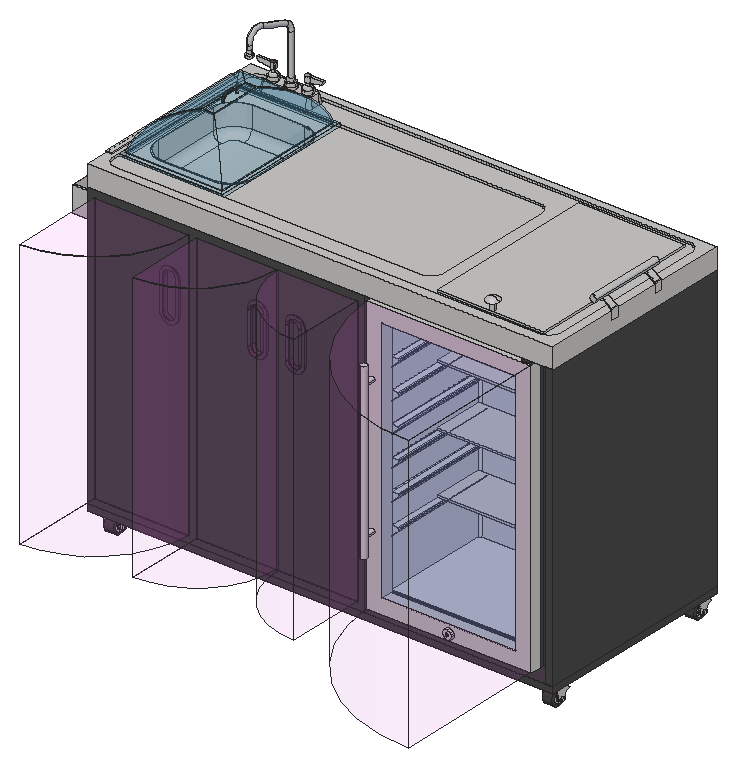
Revit family "QF_Summit_CARTOS54LG_Mobile_Outdoor_Serving_Station_with_Refrigerator", category Specialty Equipment, Revit 2020 (continued)
Automatic sketch dimensions
  profile plane to Sweep 25 sketch curve = 0"
  profile plane to Sweep 25 sketch curve = 4.98184"
  Sweep 25 sketch curve to Sweep 25 sketch curve = 0.12794"
  Sweep 28 sketch curve to Sweep 28 sketch curve = 0"  (x3)
  Sweep 28 sketch curve to profile plane = 0"
  profile plane to Sweep 28 sketch curve = 4.8745"
  Sweep 28 sketch curve to profile plane = 1.1009"
  profile plane to Sweep 28 sketch curve = 0"
  profile plane to Sweep 28 sketch curve = 4.98184"
  Sweep 28 sketch curve to Sweep 28 sketch curve = 0.12794"
  Extrusion 32 sketch curve to Sweep 25 = 0"  (x4)
  Sweep 24 sketch curve to profile plane = 0"  (x2)
  profile plane to Sweep 24 sketch curve = 1/2"  (x2)
  Sweep 24 sketch curve to Sweep 24 sketch curve = 12.05558"
  Sweep 24 sketch curve to Sweep 24 sketch curve = 17"
  Sweep 27 sketch curve to profile plane = 0"  (x2)
  profile plane to Sweep 27 sketch curve = 1/2"  (x2)
  Sweep 27 sketch curve to Sweep 27 sketch curve = 12.05558"
  Sweep 27 sketch curve to Sweep 27 sketch curve = 17"
  curve 40 to plane 4 "RIGHT" = 0"
  curve 27 to plane 4 "RIGHT" = 0"
  plane 1 "BACK" to curve 25 = 0"
  curve 25 to plane 4 "RIGHT" = 0"
  plane 5 "FRONT" to curve 142 = 0"
  curve 26 to plane 3 "LEFT" = 0"
  curve 62 to plane 13 = 0"
  curve 33 to plane 4 "RIGHT" = 1/8"
  curve 29 to plane 4 "RIGHT" = 1/8"
  plane 4 "RIGHT" to curve 35 = 7/8"
  plane 4 "RIGHT" to curve 42 = 1"
  plane 4 "RIGHT" to curve 60 = 1"
  curve 42 to curve 36 = 5/8"
  curve 41 to curve 49 = 1 7/16"
  curve 49 to curve 44 = 1/16"
  curve 49 to curve 41 = 1/16"
  curve 43 to curve 58 = 5/8"
  curve 57 to plane 5 "FRONT" = 1 31/32"
  curve 55 to curve 57 = 5 7/16"
  plane 1 "BACK" to curve 54 = 2 3/16"
  curve 55 to curve 54 = 10 7/8"
  curve 53 to curve 52 = 11/16"  (x2)
  curve 54 to curve 72 = 2 3/8"
  curve 73 to curve 70 = 1 1/2"
  curve 71 to curve 71 = 1 1/2"
  curve 73 to curve 105 = 3/8"
  curve 106 to curve 105 = 0"
  curve 73 to curve 115 = 3/8"
  curve 99 to curve 102 = 0"
  curve 111 to curve 107 = 0"
  curve 97 to plane 8 "Center X" = 0.04343"
  curve 97 to curve 98 = 0"
  curve 71 to curve 74 = 3/8"  (x2)
  curve 93 to curve 94 = 0"
  curve 89 to curve 90 = 0"
  curve 78 to curve 76 = 0"
  curve 84 to curve 86 = 0"  (x2)
  plane 7 "Center Y" to curve 142 = 4 5/16"
  curve 141 to plane 7 "Center Y" = 6.24764"
  plane 8 "Center X" to curve 86 = 2.83157"
  curve 86 to plane 7 "Center Y" = 12 1/16"
  curve 80 to curve 86 = 0"
  curve 76 to curve 78 = 0"
  curve 90 to curve 87 = 0"
  curve 108 to curve 91 = 0"
  curve 94 to curve 91 = 0"
  curve 110 to curve 108 = 0"
  curve 98 to curve 95 = 0"
  curve 114 to curve 112 = 0"
  curve 102 to curve 100 = 0"
  curve 109 to curve 120 = 2 1/8"
  curve 117 to curve 140 = 2 1/4"
  curve 140 to curve 139 = 2.33197"
  curve 120 to curve 121 = 2 1/2"
  curve 120 to curve 119 = 2 1/2"
  curve 121 to curve 127 = 4"
  plane 3 "LEFT" to curve 118 = 4 1/4"
  curve 126 to curve 123 = 2"
  plane 3 "LEFT" to curve 44 = 2 1/2"
  plane 1 "BACK" to curve 48 = 0.85593"
  plane 3 "LEFT" to curve 48 = 2 1/2"
  plane 3 "LEFT" to curve 124 = 1 3/4"
  plane 3 "LEFT" to curve 46 = 1"
  curve 138 to curve 26 = 7/8"
  plane 3 "LEFT" to curve 61 = 1/2"
  curve 65 to plane 3 "LEFT" = 1/8"
  curve 67 to plane 13 = 1/8"
  curve 51 to curve 54 = 11/16"
  plane 1 "BACK" to curve 61 = 2 13/16"
  curve 61 to curve 68 = 1/8"
  plane 1 "BACK" to curve 69 = 3.35593"
  curve 69 to curve 128 = 1 7/8"
  curve 118 to curve 128 = 0"
  curve 77 to curve 77 = 3/8"
  curve 75 to curve 78 = 1/2"
  curve 81 to curve 81 = 3/8"
  plane 8 "Center X" to curve 35 = 4.58157"
  curve 79 to curve 82 = 1/2"
  curve 83 to curve 83 = 3/8"
  curve 35 to curve 29 = 1.00954"
  curve 29 to curve 31 = 3/4"
  curve 87 to curve 87 = 3/8"
  curve 89 to curve 90 = 1/2"
  curve 93 to curve 93 = 3/8"
  plane 8 "Center X" to curve 94 = 0.33157"
  curve 95 to curve 98 = 1/2"
  curve 101 to curve 101 = 3/8"
  curve 99 to curve 102 = 1/2"
  curve 103 to curve 103 = 3/8"
  curve 127 to plane 8 "Center X" = 2.66843"
  curve 33 to plane 8 "Center X" = 2.67796"
  curve 105 to curve 106 = 1/2"
  curve 32 to curve 34 = 3/4"
  curve 109 to curve 109 = 3/8"
  curve 109 to curve 120 = 1/8"
  curve 34 to curve 38 = 1"
  curve 107 to curve 110 = 1/2"
  curve 113 to curve 113 = 3/8"
  curve 112 to curve 114 = 1/2"
  curve 117 to curve 117 = 3/8"
  curve 115 to curve 73 = 3/8"
  curve 70 to curve 68 = 0.33157"
  curve 66 to curve 63 = 1/8"
  curve 63 to curve 46 = 5/16"
  curve 54 to plane 5 "FRONT" = 2 5/16"
  curve 43 to curve 55 = 3/16"
  curve 59 to curve 43 = 5/8"
  plane 5 "FRONT" to curve 141 = 4 21/32"
  plane 5 "FRONT" to curve 139 = 5 7/16"
  curve 28 to curve 29 = 0.89527"
  curve 31 to curve 29 = 0"
  curve 40 to curve 32 = 0.89527"
  curve 34 to curve 32 = 0"
  curve 59 to curve 57 = 0.66659"
  curve 143 to curve 142 = 0"
  curve 142 to curve 140 = 2.60353"
  curve 142 to curve 140 = 1/8"
  curve 141 to curve 140 = 0"
  curve 119 to curve 69 = 0.46533"
  curve 69 to curve 130 = 1/2"
  curve 127 to curve 126 = 7/8"
  curve 130 to curve 130 = 2 3/4"
  curve 128 to curve 130 = 0"
  curve 130 to curve 129 = 0.61409"
  curve 128 to curve 118 = 0.61409"
  curve 129 to curve 47 = 0.67634"
  curve 129 to curve 131 = 0.42634"
  curve 139 to curve 138 = 0"
  curve 130 to curve 69 = 0"
  curve 129 to curve 130 = 0"
  curve 61 to curve 131 = 0.54343"
  curve 144 to plane 3 "LEFT" = 0"
  curve 11 to curve 148 = 0.37206"
  curve 147 to curve 156 = 5.00244"
  curve 153 to curve 16 = 1/2"
  curve 15 to curve 15 = 0.251"
  curve 155 to curve 154 = 1.30657"
  curve 154 to curve 151 = 5.00244"  (x2)
  curve 145 to curve 10 = 0.37206"
  curve 9 to curve 12 = 0"
  curve 9 to curve 146 = 0.36948"
  curve 134 to curve 154 = 5.37192"
  curve 153 to curve 13 = 1.94612"
  curve 13 to curve 15 = 2.2591"
  curve 15 to curve 156 = 2.04578"
  curve 147 to curve 12 = 0.37206"
  curve 147 to curve 152 = 0.12794"
  curve 145 to curve 134 = 2.8656"
  curve 134 to curve 133 = 1/2"
  curve 133 to curve 133 = 2 3/4"
  curve 133 to curve 132 = 0.62101"
  curve 132 to curve 145 = 1.82485"
  curve 132 to curve 9 = 0.46358"
  curve 9 to curve 132 = 0"
  curve 132 to curve 133 = 0"
  curve 152 to curve 147 = 0.12794"
  curve 19 to curve 160 = 0.37206"
  curve 159 to curve 168 = 5.00244"
  curve 165 to curve 24 = 1/2"
  curve 23 to curve 23 = 0.251"
  curve 167 to curve 166 = 1.30657"
  curve 166 to curve 163 = 5.00244"  (x2)
  curve 157 to curve 18 = 0.37206"
  curve 17 to curve 20 = 0"
  curve 17 to curve 158 = 0.36948"
  curve 137 to curve 166 = 5.37192"
  curve 165 to curve 21 = 1.94612"
  curve 21 to curve 23 = 2.2591"
  curve 23 to curve 168 = 2.04578"
  curve 159 to curve 20 = 0.37206"
  curve 159 to curve 164 = 0.12794"
  curve 157 to curve 137 = 2.8656"
  curve 137 to curve 136 = 1/2"
  curve 136 to curve 136 = 2 3/4"
  curve 136 to curve 135 = 0.62101"
  curve 135 to curve 157 = 1.82485"
  curve 135 to curve 17 = 0.46358"
  curve 17 to curve 135 = 0"
  curve 135 to curve 136 = 0"
  curve 164 to curve 159 = 0.12794"
  radius of Extrusion 11 sketch curve to Extrusion 1 = 0"  (x2)
  radius of Extrusion 9 sketch curve = 7/8"
Nested families (in)
  nested 1: "Summit_Faucet" at (-1.875, -1.0625, 38.25), type "Summit_Faucet"
    with Type Mark "", Specification by User "", Revision Code "", Item Number "", Installed By "", Identify Quantity as Lot yes, Furnished By "", Foodservice Equipment Identifier yes
  nested 2: "Summit_SPR488BOSADA" at (27.19769, -5.875, 3.25), Show Clearance <- "Show Clearance", type "Summit_SPR488BOSADA"
    with Show Clearance yes
  nested 3: "2.5 INCHES_CASTER" at (-3.5625, -1.93248, 0), type "2.5 INCHES_CASTER"
    with Type Mark "", Specification by User "", Revision Code "", Item Number "", Installed By "", Identify Quantity as Lot yes, Furnished By "", Foodservice Equipment Identifier yes, 2.5 Inches Caster yes
  nested 4: "2.5 INCHES_CASTER" at (47.1875, -1.93248, 0), type "2.5 INCHES_CASTER"
    with Type Mark "", Specification by User "", Revision Code "", Item Number "", Installed By "", Identify Quantity as Lot yes, Furnished By "", Foodservice Equipment Identifier yes, 2.5 Inches Caster yes
  nested 5: "2.5 INCHES_CASTER" at (-3.5625, -22.43248, 0), type "2.5 INCHES_CASTER"
    with Type Mark "", Specification by User "", Revision Code "", Item Number "", Installed By "", Identify Quantity as Lot yes, Furnished By "", Foodservice Equipment Identifier yes, 2.5 Inches Caster yes
  nested 6: "2.5 INCHES_CASTER" at (47.1875, -22.43248, 0), type "2.5 INCHES_CASTER"
    with Type Mark "", Specification by User "", Revision Code "", Item Number "", Installed By "", Identify Quantity as Lot yes, Furnished By "", Foodservice Equipment Identifier yes, 2.5 Inches Caster yes
  nested 7: "SPR488BOSADA_Door" at (25.57503, -7.23814, 3.25), visible <- "Show RHD", type "SPR488BOSADA_Door"
    with Show Logo yes, Show Clearance yes
  nested 8: "SPR488BOSADA_Door" at (47.82035, -7.23814, 3.25) x (-1, 0, 0) z (0, 0, 1), visible <- "Show LHD", type "SPR488BOSADA_Door"
    with Show Logo yes, Show Clearance yes
Definition of nested family "Summit_Faucet"
  Parameters (values of type "Summit_Faucet")
    Weight = ""
    URL Manufacturer = ""
    URL Cutsheet = ""
    URL = ""
    Type Mark [instance] = ""
    Specification by User [instance] = ""
    Specification by Manufacturer = ""
    Serial Number = ""
    Seismic Rating = ""
    SMACNA No = ""
    Revision Code [instance] = ""
    Omniclass Number and Title = ""
    NAFEM Spec ID Number = ""
    Model = ""
    MasterSpec. = ""
    Manufacturer = ""
    Item Number [instance] = ""
    Installed By [instance] = ""
    Identify Quantity as Lot [instance] = yes
    Furnished By [instance] = ""
    Foodservice Equipment Identifier [instance] = yes
    Default Elevation = 0"
    CSI MasterFormat = ""
    CSI Master Format = ""
  Reference planes (in)
    plane 1 "BACK": y = 0
    plane 2: z = 0
    plane 3 "LEFT": x = 0
    plane 4 "RIGHT": x = 6
    plane 5 "FRONT": y = -2
    plane 6 "TOP": z = 9.5
    plane 7: x = 3
    plane 8: x = 1
    plane 9: x = 5
    plane 10: z = 6.75
    plane 11: y = -1
    plane 12: y = -7
  Forms (in)
    Blend 1, solid
      base sketch origin (0, 0, 0) x (1, 0, 0) y (0, 1, 0)
        loop
          arc (0.5, 0) -> (0.14645, -0.14645) -> (0, -0.5) r 0.5
          line (0, -0.5) -> (0, -1.5)
          arc (0, -1.5) -> (0.14645, -1.85355) -> (0.5, -2) r 0.5
          line (0.5, -2) -> (5.5, -2)
          arc (5.5, -2) -> (5.85355, -1.85355) -> (6, -1.5) r 0.5
          line (6, -1.5) -> (6, -0.5)
          arc (6, -0.5) -> (5.85355, -0.14645) -> (5.5, 0) r 0.5
          line (5.5, 0) -> (0.5, 0)
      top sketch origin (0, 0, 0) x (1, 0, 0) y (0, 1, 0)
        loop
          line (5.5, -0.25) -> (0.5, -0.25)
          arc (0.5, -0.25) -> (0.32322, -0.32322) -> (0.25, -0.5) r 0.25
          line (0.25, -0.5) -> (0.25, -1.5)
          arc (0.25, -1.5) -> (0.32322, -1.67678) -> (0.5, -1.75) r 0.25
          line (0.5, -1.75) -> (5.5, -1.75)
          arc (5.5, -1.75) -> (5.67678, -1.67678) -> (5.75, -1.5) r 0.25
          line (5.75, -1.5) -> (5.75, -0.5)
          arc (5.75, -0.5) -> (5.67678, -0.32322) -> (5.5, -0.25) r 0.25
      from 0 to 1
    Extrusion 2, solid
      sketch origin (0, -0.09496, -3.5) x (1, 0, 0) y (0, 0, 1)
        loop
          line (4.82421, 6.36488) -> (4.82421, 5.7908) -> (5.75768, 5.80403) -> (6.42048, 5.89366)
          arc (6.42048, 5.89366) -> (6.70947, 6.05462) -> (6.82421, 6.36488) r 0.47687
          line (6.82421, 6.36488) -> (4.82421, 6.36488)
      from 0.77919 to 1.02919
    Revolve 3, solid
      sketch origin (-4.03517, -1, 0) x (1, 0, 0) y (0, 0, 1)
        loop
          line (5.03934, 1) -> (5.03934, 3.02505)
          arc (5.03934, 3.02505) -> (4.87585, 2.98746) -> (4.76133, 2.86488) r 0.2869
          line (4.76133, 2.86488) -> (4.76133, 2.2908) -> (4.87917, 2.2908) -> (4.87917, 1.83261)
          arc (4.87917, 1.83261) -> (4.65407, 1.74222) -> (4.60414, 1.50485) r 0.25731
          line (4.60414, 1.50485) -> (4.45379, 1.50485) -> (4.45379, 1.1768) -> (4.53934, 1.1768) -> (4.53934, 1) -> (5.03934, 1)
        axis (5.03934, 1) -> (5.03934, 3.02505)
      angle from 0 to 360
    Revolve 4, solid
      sketch origin (10.03517, -0.99916, 0) x (-1, 0, 0) y (0, 0, -1)
        loop
          line (5.03934, -1) -> (4.53934, -1) -> (4.53934, -1.1768) -> (4.45379, -1.1768) -> (4.45379, -1.50485) -> (4.60414, -1.50485)
          arc (4.60414, -1.50485) -> (4.65407, -1.74222) -> (4.87917, -1.83261) r 0.25731
          line (4.87917, -1.83261) -> (4.87917, -2.2908) -> (4.76133, -2.2908) -> (4.76133, -2.86488)
          arc (4.76133, -2.86488) -> (4.87585, -2.98746) -> (5.03934, -3.02505) r 0.2869
          line (5.03934, -3.02505) -> (5.03934, -1)
        axis (5.03934, -1) -> (5.03934, -3.02505)
      angle from 0 to 360
    Extrusion 5, solid
      sketch origin (6, -0.09496, -3.5) x (-1, 0, 0) y (0, 0, -1)
        loop
          line (4.82421, -6.36488) -> (6.82421, -6.36488)
          arc (6.82421, -6.36488) -> (6.70947, -6.05462) -> (6.42048, -5.89366) r 0.47687
          line (6.42048, -5.89366) -> (5.75768, -5.80403) -> (4.82421, -5.7908) -> (4.82421, -6.36488)
      from 0.77919 to 1.02919
    Revolve 6, solid
      sketch origin (0, -7, 0) x (1, 0, 0) y (0, 0, 1)
        loop
          line (3, 7.59291) -> (2.75, 7.59291) -> (2.75, 7.16874) -> (2.625, 6.95223) -> (2.625, 6.75) -> (3, 6.75) -> (3, 7.59291)
        axis (3, 6.75) -> (3, 7.59291)
      angle from 0 to 360
    Sweep 7, solid
      path origin (3, 0, 0) x (0, 1, 0) y (0, 0, 1)
        loop
          line (-7, 7.59291) -> (-7, 8.04139)
          arc (-7, 8.04139) -> (-6.46697, 9.06533) -> (-5.32247, 9.21601) r 1.25
          line (-5.32247, 9.21601) -> (-1.75198, 7.91645)
          arc (-1.75198, 7.91645) -> (-1.20668, 7.49803) -> (-1, 6.84252) r 1.14286
          line (-1, 6.84252) -> (-1, 2)
      profile origin (3, -7, 7.81715) x (0, -1, 0) y (1, 0, 0)
        loop
          circle (0, 0) r 0.25
    Revolve 8, solid
      sketch origin (8.03517, -0.9375, -3.5) x (-1, 0, 0) y (0, 0, -1)
        loop
          line (5.03934, -4.5) -> (4.40363, -4.5) -> (4.40363, -4.67045) -> (4.50358, -4.67045) -> (4.50358, -5.02398) -> (4.68786, -5.13038) -> (4.68786, -5.5) -> (5.03934, -5.5) -> (5.03934, -4.5)
        axis (5.03934, -4.5) -> (5.03934, -5.5)
      angle from 0 to 360
  Cuts and joins
    joined: Revolve 6, Sweep 7
  Lines and regions (in)
    symbolic lines
      curve 1: line (2.67337, -7.08919, 0) -> (2.67337, -1, 0)
      curve 2: line (3.29837, -7.08919, 0) -> (3.29837, -1, 0)
      curve 3: arc (3.29837, -1, 0) -> (2.98587, -0.6875, 0) -> (2.67337, -1, 0) r 0.3125
      curve 4: arc (3.29837, -1.40113, 0) -> (2.98587, -0.49151, 0) -> (2.67337, -1.40113, 0) r 0.50849
      curve 5: arc (3.29837, -1.5749, 0) -> (3.01791, -0.35019, 0) -> (2.67337, -1.55844, 0) r 0.6486
      curve 6: line (4.38304, -0.63916, 0) -> (5.00804, -0.27831, 0)
      curve 7: line (5.00804, -0.27831, 0) -> (5.63304, -0.63916, 0)
      curve 8: line (5.63304, -0.63916, 0) -> (5.63304, -1.26764, 0)
      curve 9: line (4.38304, -1.36084, 0) -> (4.38304, -0.63916, 0)
      curve 10: line (5.00804, -1.72169, 0) -> (4.38304, -1.36084, 0)
      curve 11: line (5.23435, -1.59103, 0) -> (5.00804, -1.72169, 0)
      curve 12: arc (5.53526, -1.17341, 0) -> (4.61465, -0.60851, 0) -> (5.18402, -1.52636, 0) r 0.555
      curve 13: arc (5.28147, -0.74178, 0) -> (4.74077, -0.73099, 0) -> (4.75156, -1.27169, 0) r 0.375
      curve 14: arc (4.75156, -1.27169, 0) -> (4.84744, -1.34648, 0) -> (4.96221, -1.38665, 0) r 0.375
      curve 15: arc (5.23435, -1.59103, 0) -> (5.11621, -1.46497, 0) -> (4.96221, -1.38665, 0) r 0.5
      curve 16: line (5.22231, -1.58455, 0) -> (6.43111, -2.61867, 0)
      curve 17: arc (6.43111, -2.61867, 0) -> (6.60796, -2.59971, 0) -> (6.62691, -2.42286, 0) r 0.14168
      curve 18: line (5.58934, -1.21683, 0) -> (6.62691, -2.42286, 0)
      curve 19: arc (5.39644, -0.95243, 0) -> (5.47064, -1.10086, 0) -> (5.58934, -1.21683, 0) r 0.5
      curve 20: arc (5.39644, -0.95243, 0) -> (5.35626, -0.83766, 0) -> (5.28147, -0.74178, 0) r 0.375
      curve 21: line (1.62658, -0.63916, 0) -> (1.00158, -0.27831, 0)
      curve 22: line (1.62658, -1.36084, 0) -> (1.62658, -0.63916, 0)
      curve 23: line (1.00158, -1.72169, 0) -> (1.62658, -1.36084, 0)
      curve 24: line (0.77192, -1.58909, 0) -> (1.00158, -1.72169, 0)
      curve 25: line (0.77192, -1.58909, 0) -> (-0.42292, -2.61705, 0)
      curve 26: arc (-0.61721, -2.42277, 0) -> (-0.59834, -2.59818, 0) -> (-0.42292, -2.61705, 0) r 0.1406
      curve 27: line (0.42029, -1.21683, 0) -> (-0.61721, -2.42277, 0)
      curve 28: arc (0.42029, -1.21683, 0) -> (0.53899, -1.10086, 0) -> (0.61319, -0.95243, 0) r 0.5
      curve 29: arc (1.04741, -1.38665, 0) -> (0.89898, -1.46086, 0) -> (0.78301, -1.57955, 0) r 0.5
      curve 30: arc (1.04741, -1.38665, 0) -> (1.16218, -1.34648, 0) -> (1.25806, -1.27169, 0) r 0.375
      curve 31: arc (1.25806, -1.27169, 0) -> (1.26885, -0.73099, 0) -> (0.72816, -0.74178, 0) r 0.375
      curve 32: arc (0.72816, -0.74178, 0) -> (0.65337, -0.83766, 0) -> (0.61319, -0.95243, 0) r 0.375
      curve 33: circle (1.00158, -1, 0) r 0.225 normal (0, 0, 1)
      curve 34: line (1.00158, -0.27831, 0) -> (0.37658, -0.63916, 0)
      curve 35: line (0.37658, -0.63916, 0) -> (0.37658, -1.26764, 0)
      curve 36: arc (0.82561, -1.52636, 0) -> (1.39498, -0.60851, 0) -> (0.47437, -1.17341, 0) r 0.555
      curve 37: arc (2.67337, -6.68325, 0) -> (2.98587, -7.60148, 0) -> (3.29837, -6.68325, 0) r 0.51229
      curve 38: arc (2.67337, -7.08919, 0) -> (2.98587, -7.40169, 0) -> (3.29837, -7.08919, 0) r 0.3125
      curve 39: line (3.29837, -2, 0) -> (5.51871, -2, 0)
      curve 40: line (6, -1.5, 0) -> (6, -0.5, 0)
      curve 41: line (5.5, 0, 0) -> (0.5, 0, 0)
      curve 42: line (0, -0.5, 0) -> (0, -1.5, 0)
      curve 43: line (0.5, -2, 0) -> (2.67337, -2, 0)
      curve 44: line (0.58489, -1.75, 0) -> (2.67337, -1.75, 0)
      curve 45: line (3.29837, -1.75, 0) -> (5.41571, -1.75, 0)
      curve 46: line (0.5, -0.25, 0) -> (5.5, -0.25, 0)
      curve 47: arc (5.75, -0.5, 0) -> (5.67678, -0.32322, 0) -> (5.5, -0.25, 0) r 0.25
      curve 48: arc (0.5, -0.25, 0) -> (0.32322, -0.32322, 0) -> (0.25, -0.5, 0) r 0.25
      curve 49: line (0.25, -1.41477, 0) -> (0.25, -0.5, 0)
      curve 50: line (5.75, -0.5, 0) -> (5.75, -1.40358, 0)
      curve 51: line (0.05911, -1.63665, 0) -> (0, -1.5, 0)
      curve 52: line (0.5, -2, 0) -> (0.35546, -1.94739, 0)
      curve 53: line (5.64118, -1.94289, 0) -> (5.51871, -2, 0)
      curve 54: line (5.94504, -1.63028, 0) -> (6, -1.5, 0)
      curve 55: arc (5.5, 0, 0) -> (5.85355, -0.14645, 0) -> (6, -0.5, 0) r 0.5
      curve 56: arc (0, -0.5, 0) -> (0.14645, -0.14645, 0) -> (0.5, 0, 0) r 0.5
      curve 57: circle (4.99842, -1, 0) r 0.225 normal (0, 0, -1)
  Dimensions and locks (in)
    equal spacing: plane 4 "RIGHT", plane 7, plane 3 "LEFT"
    plane 6 "TOP" to plane 2 = 9 1/2"
    aligned and locked: level to plane 2
  Automatic sketch dimensions
    Blend 1 sketch curve to plane 3 "LEFT" = 0"
    plane 5 "FRONT" to Blend 1 sketch curve = 0"
    plane 1 "BACK" to Blend 1 sketch curve = 0"
    Blend 1 sketch curve to plane 4 "RIGHT" = 0"
    plane 3 "LEFT" to Blend 1 sketch curve = 1/2"  (x2)
    Blend 1 sketch curve to plane 4 "RIGHT" = 1/2"  (x3)
    plane 1 "BACK" to Blend 1 sketch curve = 1/2"  (x2)
    plane 3 "LEFT" to Blend 1 sketch curve = 1/4"
    Blend 1 sketch curve to Blend 1 sketch curve = 1/4"  (x3)
    Blend 1 sketch curve to plane 5 "FRONT" = 1/4"
    plane 9 to Extrusion 2 sketch curve = 45/256"
    Extrusion 2 sketch curve to plane 4 "RIGHT" = 0.24232"
    plane 4 "RIGHT" to Extrusion 2 sketch curve = 0.34735"
    plane 4 "RIGHT" to Extrusion 2 sketch curve = 0.42048"
    Extrusion 2 sketch curve to plane 10 = 3.88512"
    Extrusion 2 sketch curve to Extrusion 2 sketch curve = 0.47687"
    Extrusion 2 sketch curve to Extrusion 2 sketch curve = 0.08963"
    Extrusion 2 sketch curve to Extrusion 2 sketch curve = 0.57408"
    plane 8 to Extrusion 5 sketch curve = 45/256"
    plane 3 "LEFT" to Extrusion 5 sketch curve = 0.24232"
    Extrusion 5 sketch curve to plane 3 "LEFT" = 0.34735"
    Extrusion 5 sketch curve to plane 3 "LEFT" = 0.42048"
    Extrusion 5 sketch curve to plane 10 = 3.88512"
    Extrusion 5 sketch curve to Extrusion 5 sketch curve = 0.47687"
    Extrusion 5 sketch curve to Extrusion 5 sketch curve = 0.08963"
    Extrusion 5 sketch curve to Extrusion 5 sketch curve = 0.57408"
    Revolve 6 sketch curve to plane 10 = 0"
    plane 7 to Revolve 6 sketch curve = 0"  (x2)
    Revolve 6 sketch curve to Revolve 6 sketch curve = 1/4"
    Revolve 6 sketch curve to Revolve 6 sketch curve = 1/8"
    plane 10 to Revolve 6 sketch curve = 0.20223"
    Revolve 6 sketch curve to Revolve 6 sketch curve = 0.21651"
    Revolve 6 sketch curve to Revolve 6 sketch curve = 0.42418"
    Revolve 6 sketch curve to Revolve 6 sketch curve = 0.09934"
    Revolve 6 sketch curve to Revolve 6 sketch curve = 0.33586"
    plane 7 to Revolve 8 sketch curve = 0.63154"
    Revolve 8 sketch curve to Revolve 8 sketch curve = 0.09994"
    Revolve 8 sketch curve to Revolve 8 sketch curve = 0.18428"
    Revolve 8 sketch curve to plane 7 = 0.00417"  (x2)
    Revolve 8 sketch curve to plane 10 = 3.2092"
    Revolve 8 sketch curve to plane 10 = 4 3/4"
    Revolve 8 sketch curve to Revolve 8 sketch curve = 0.5408"
    Revolve 8 sketch curve to Revolve 8 sketch curve = 0.36962"
    Revolve 8 sketch curve to Revolve 8 sketch curve = 0.1064"
    Revolve 8 sketch curve to Revolve 8 sketch curve = 0.35353"
    Revolve 8 sketch curve to Revolve 8 sketch curve = 0.17045"
    Revolve 3 sketch curve to plane 8 = 0.0161"
    Revolve 3 sketch curve to plane 8 = 0.156"
    Revolve 3 sketch curve to plane 8 = 0.18399"
    Revolve 3 sketch curve to Revolve 3 sketch curve = 0.11783"
    Revolve 3 sketch curve to Revolve 3 sketch curve = 0.24704"
    Revolve 3 sketch curve to plane 8 = 0.49583"
    Revolve 3 sketch curve to Revolve 3 sketch curve = 0.08555"
    plane 8 to Revolve 3 sketch curve = 0.00417"  (x2)
    level to Revolve 3 sketch curve = 1"
    Revolve 3 sketch curve to Revolve 3 sketch curve = 0.1768"
    Revolve 3 sketch curve to Revolve 3 sketch curve = 0.32805"
    Revolve 3 sketch curve to Revolve 3 sketch curve = 0.07197"
    Revolve 3 sketch curve to Revolve 3 sketch curve = 0.45819"
    Revolve 3 sketch curve to Revolve 3 sketch curve = 1/4"
    Revolve 3 sketch curve to Revolve 3 sketch curve = 0.19807"
    Revolve 3 sketch curve to Revolve 3 sketch curve = 0.12601"
    plane 10 to Revolve 3 sketch curve = 0.2908"
    Revolve 4 sketch curve to plane 9 = 0.0161"
    Revolve 4 sketch curve to plane 9 = 0.156"
    Revolve 4 sketch curve to plane 9 = 0.18399"
    Revolve 4 sketch curve to plane 9 = 0.27384"
    Revolve 4 sketch curve to Revolve 4 sketch curve = 0.24704"
    Revolve 4 sketch curve to plane 9 = 0.49583"
    Revolve 4 sketch curve to Revolve 4 sketch curve = 0.08555"
    plane 9 to Revolve 4 sketch curve = 0.00417"  (x2)
    level to Revolve 4 sketch curve = 1"
    Revolve 4 sketch curve to Revolve 4 sketch curve = 0.1768"
    Revolve 4 sketch curve to Revolve 4 sketch curve = 0.32805"
    Revolve 4 sketch curve to Revolve 4 sketch curve = 0.07197"
    Revolve 4 sketch curve to Revolve 4 sketch curve = 0.45819"
    Revolve 4 sketch curve to Revolve 4 sketch curve = 1/4"
    Revolve 4 sketch curve to Revolve 4 sketch curve = 0.19807"
    Revolve 4 sketch curve to Revolve 4 sketch curve = 0.12601"
    plane 10 to Revolve 4 sketch curve = 0.2908"
    curve 3 to curve 4 = 0"  (x2)
    curve 30 to curve 32 = 0"  (x2)
    curve 33 to curve 36 = 0"  (x2)
    curve 37 to curve 38 = 0"  (x2)
    curve 47 to curve 55 = 0"  (x2)
    curve 48 to curve 56 = 0"  (x2)
    curve 42 to plane 3 "LEFT" = 0"
    plane 5 "FRONT" to curve 43 = 0"
    plane 1 "BACK" to curve 56 = 0"
    curve 36 to plane 11 = 0"
    curve 3 to plane 11 = 0"
    plane 5 "FRONT" to curve 39 = 0"
    curve 57 to plane 11 = 0"
    curve 12 to plane 11 = 0"
    curve 54 to plane 4 "RIGHT" = 0"
    curve 26 to plane 3 "LEFT" = 0.42292"
    curve 26 to curve 25 = 0.07599"
    curve 27 to curve 26 = 0.11829"
    plane 3 "LEFT" to curve 51 = 0.05911"
    plane 3 "LEFT" to curve 28 = 0.13506"
    curve 56 to curve 49 = 1/4"
    curve 52 to plane 5 "FRONT" = 0.05261"
    plane 3 "LEFT" to curve 52 = 91/256"
    curve 49 to curve 35 = 0.12658"
    curve 35 to curve 28 = 0.04371"
    curve 28 to curve 36 = 0.05408"
    curve 52 to curve 43 = 37/256"
    curve 48 to curve 46 = 1/4"
    curve 43 to curve 44 = 0.08489"
    plane 11 to curve 28 = 0.04757"
    curve 36 to curve 28 = 0.13882"
    curve 28 to curve 32 = 0.11497"
    curve 24 to plane 8 = 0.22808"
    curve 24 to curve 29 = 0.01109"
    curve 29 to curve 36 = 0.0426"
    curve 32 to plane 8 = 0.01747"
    plane 8 to curve 36 = 0.00158"
    plane 8 to curve 21 = 0.00158"
    plane 8 to curve 23 = 0.00158"
    plane 8 to curve 31 = 0.00369"
    plane 8 to curve 30 = 0.04741"
    plane 8 to curve 29 = 0.19367"
    curve 29 to curve 31 = 0.21065"
    plane 8 to curve 22 = 0.62658"
    curve 1 to plane 12 = 0.08919"
    curve 1 to plane 7 = 0.32663"
    curve 37 to plane 7 = 0.01413"
    plane 7 to curve 5 = 0.00083"
    plane 9 to curve 6 = 0.61696"
    plane 9 to curve 13 = 0.24844"
    plane 9 to curve 15 = 0.18405"
    plane 9 to curve 15 = 0.03779"
    plane 9 to curve 57 = 0.00158"
    plane 11 to curve 13 = 0.00384"
    curve 13 to plane 9 = 0.00594"
    curve 11 to plane 9 = 0.00804"
    curve 7 to plane 9 = 0.00804"
    curve 13 to curve 12 = 0.00211"
    curve 12 to curve 20 = 0.01905"
    curve 20 to curve 14 = 0"
    curve 12 to plane 9 = 0.18402"
    curve 12 to curve 16 = 0.0383"
    curve 16 to curve 15 = 0.01204"
    curve 13 to plane 9 = 0.28147"
    plane 11 to curve 19 = 0.04757"
    curve 13 to curve 19 = 0.11497"
    curve 11 to curve 45 = 0.18136"
    curve 41 to plane 4 "RIGHT" = 1/2"
    curve 45 to curve 39 = 0.103"
    curve 12 to plane 11 = 0.17341"
    curve 20 to curve 12 = 0.13882"
    curve 12 to curve 19 = 0.05408"
    curve 18 to curve 8 = 0.04371"
    curve 53 to plane 5 "FRONT" = 0.05711"
    curve 39 to curve 53 = 0.12247"
    curve 19 to plane 4 "RIGHT" = 0.12544"
    curve 54 to plane 4 "RIGHT" = 0.05496"
    plane 4 "RIGHT" to curve 17 = 0.43111"
    curve 16 to curve 17 = 0.07667"
    curve 17 to curve 18 = 0.11914"
    plane 12 to curve 37 = 0.31675"
    plane 5 "FRONT" to curve 17 = 0.61867"
    plane 5 "FRONT" to curve 26 = 0.61705"
    curve 17 to curve 17 = 0.11914"
    curve 25 to curve 26 = 0.11829"
    curve 15 to plane 5 "FRONT" = 0.13522"
    curve 29 to plane 5 "FRONT" = 0.13522"
    curve 29 to curve 24 = 0.14309"
    curve 15 to curve 10 = 0.14309"
    curve 52 to curve 51 = 0.31074"
    curve 45 to curve 5 = 0.1751"
    curve 44 to curve 5 = 0.19156"
    curve 51 to curve 51 = 0.13665"
    curve 54 to curve 54 = 0.13028"
    curve 5 to curve 4 = 0.15731"
    curve 9 to plane 11 = 0.36084"
    curve 22 to plane 11 = 0.36084"
    curve 29 to curve 30 = 0.11497"
    curve 14 to curve 13 = 0.11497"
    plane 11 to curve 21 = 0.36084"
    plane 11 to curve 6 = 0.36084"
    curve 8 to curve 47 = 0.13916"
    curve 34 to curve 48 = 0.13916"
    plane 1 "BACK" to curve 34 = 0.27831"
    plane 1 "BACK" to curve 7 = 0.27831"
    Sweep 7 sketch curve to profile plane = 0"  (x2)
    Sweep 7 sketch curve to plane 12 = 0"
    Sweep 7 sketch curve to plane 11 = 0"
    plane 12 to Sweep 7 sketch curve = 1 1/4"
    Sweep 7 sketch curve to plane 6 "TOP" = 0.28399"
    Sweep 7 sketch curve to Sweep 7 sketch curve = 0.42753"
    plane 5 "FRONT" to Sweep 7 sketch curve = 0.14286"
    Sweep 7 sketch curve to plane 5 "FRONT" = 0.24802"
    plane 10 to Sweep 7 sketch curve = 1.16645"
    Sweep 7 sketch curve to Sweep 7 sketch curve = 0.44847"
    level to Sweep 7 sketch curve = 2"
    radius of curve 33 = 0.225"
    radius of curve 57 = 0.225"
    radius of Sweep 7 sketch curve = 1/4"
Definition of nested family "Summit_SPR488BOSADA"
  Parameters (values of type "Summit_SPR488BOSADA")
    Show Clearance [instance] = yes
    Model = "SPR488BOSADA"
    Manufacturer = "Summit"
    Length = 19"
    Height = 32 3/8"
    Description = "Indoor/Outdoor Beverage Cooler, ADA Compliant"
    Depth = 17"
    Default Elevation = 0"
  Reference planes (in)
    plane 1: z = 0
    plane 2 "LEFT": x = 0
    plane 3 "RIGHT": x = 19
    plane 4 "FRONT": y = -17.75
    plane 5 "TOP": z = 32.375
    plane 6 "Center Y": x = 9.5
    plane 7 "Center X": y = -9.25
    plane 8 "BACK": y = -0.75
    plane 9: y = -19.375
    plane 10: y = -16.125
    plane 11: y = -16.41209
    plane 12: z = 0.5
    plane 13: y = -0.9375
    plane 14: y = -35.49996
    plane 15: z = 32.5
  Forms (in)
    Extrusion 1, solid
      sketch origin (22.25, -2.96287, 24.25) x (0, 1, 0) y (-1, 0, 0)
        loop
          line (2.02537, 22.25) -> (-13.16213, 22.25) -> (-13.16213, 3.25) -> (2.02537, 3.25) -> (2.02537, 22.25)
      from -23.75 to 8.125
    Extrusion 2, solid
      sketch origin (22.25, -2.96287, 24.25) x (0, 1, 0) y (-1, 0, 0)
        loop
          line (-13.16213, 22.25) -> (-13.44922, 22.25) -> (-13.44922, 3.25) -> (-13.16213, 3.25) -> (-13.16213, 22.25)
      from -23.75 to 8.125
    Extrusion 3, solid
      sketch origin (22.25, -2.96287, 24.25) x (0, 1, 0) y (-1, 0, 0)
        loop
          line (2.02537, 3.25) -> (2.11287, 3.25)
          arc (2.11287, 3.25) -> (2.18358, 3.27929) -> (2.21287, 3.35) r 0.1
          line (2.21287, 3.35) -> (2.21287, 22.15)
          arc (2.21287, 22.15) -> (2.18358, 22.22071) -> (2.11287, 22.25) r 0.1
          line (2.11287, 22.25) -> (2.02537, 22.25) -> (2.02537, 3.25)
      from -23.75 to 8.125
    Extrusion 4, void
      sketch origin (22.25, -2.96287, 24.25) x (0, 1, 0) y (-1, 0, 0)
        loop
          line (-13.44922, 4.75) -> (-0.59963, 4.75)
          arc (-0.59963, 4.75) -> (-0.42285, 4.82322) -> (-0.34963, 5) r 0.25
          line (-0.34963, 5) -> (-0.34963, 20.5)
          arc (-0.34963, 20.5) -> (-0.42285, 20.67678) -> (-0.59963, 20.75) r 0.25
          line (-0.59963, 20.75) -> (-13.44922, 20.75) -> (-13.44922, 4.75)
      from -22 to 6.5
    Extrusion 5, solid
      sketch origin (0, 0, 0) x (1, 0, 0) y (0, 1, 0)
        loop
          line (1.5, -9.59375) -> (17.5, -9.59375) -> (17.5, -3.5625) -> (1.5, -3.5625) -> (1.5, -9.59375)
      from 16 to 16.25
    Extrusion 6, solid
      sketch origin (-74.8943, -18.00369, 32) x (1, 0, 0) y (0, 0, 1)
        loop
          arc (91.51513, -9.18489) -> (91.52465, -9.23273) -> (91.55174, -9.27328) r 0.125
          line (91.55174, -9.27328) -> (92.35352, -10.07506)
          arc (92.35352, -10.07506) -> (92.38062, -10.11561) -> (92.39013, -10.16344) r 0.125
          line (92.39013, -10.16344) -> (92.39013, -8.9375)
          arc (92.39013, -8.9375) -> (92.37182, -8.98169) -> (92.32763, -9) r 0.0625
          line (92.32763, -9) -> (91.57763, -9)
          arc (91.57763, -9) -> (91.53344, -9.01831) -> (91.51513, -9.0625) r 0.0625
          line (91.51513, -9.0625) -> (91.51513, -9.18489)
        loop
          arc (91.51096, -12.68489) -> (91.52048, -12.73273) -> (91.54758, -12.77328) r 0.125
          line (91.54758, -12.77328) -> (92.34935, -13.57506)
          arc (92.34935, -13.57506) -> (92.37645, -13.61561) -> (92.38596, -13.66344) r 0.125
          line (92.38596, -13.66344) -> (92.38596, -12.4375)
          arc (92.38596, -12.4375) -> (92.36766, -12.48169) -> (92.32346, -12.5) r 0.0625
          line (92.32346, -12.5) -> (91.57346, -12.5)
          arc (91.57346, -12.5) -> (91.52927, -12.51831) -> (91.51096, -12.5625) r 0.0625
          line (91.51096, -12.5625) -> (91.51096, -12.68489)
        loop
          arc (91.51096, -16.18489) -> (91.52048, -16.23273) -> (91.54758, -16.27328) r 0.125
          line (91.54758, -16.27328) -> (92.34935, -17.07506)
          arc (92.34935, -17.07506) -> (92.37645, -17.11561) -> (92.38596, -17.16344) r 0.125
          line (92.38596, -17.16344) -> (92.38596, -15.9375)
          arc (92.38596, -15.9375) -> (92.36766, -15.98169) -> (92.32346, -16) r 0.0625
          line (92.32346, -16) -> (91.57346, -16)
          arc (91.57346, -16) -> (91.52927, -16.01831) -> (91.51096, -16.0625) r 0.0625
          line (91.51096, -16.0625) -> (91.51096, -16.18489)
        loop
          arc (91.5068, -19.68489) -> (91.51631, -19.73273) -> (91.54341, -19.77328) r 0.125
          line (91.54341, -19.77328) -> (92.34519, -20.57506)
          arc (92.34519, -20.57506) -> (92.37228, -20.61561) -> (92.3818, -20.66344) r 0.125
          line (92.3818, -20.66344) -> (92.3818, -19.4375)
          arc (92.3818, -19.4375) -> (92.36349, -19.48169) -> (92.3193, -19.5) r 0.0625
          line (92.3193, -19.5) -> (91.5693, -19.5)
          arc (91.5693, -19.5) -> (91.5251, -19.51831) -> (91.5068, -19.5625) r 0.0625
          line (91.5068, -19.5625) -> (91.5068, -19.68489)
        loop
          arc (91.52324, -23.18489) -> (91.53275, -23.23273) -> (91.55985, -23.27328) r 0.125
          line (91.55985, -23.27328) -> (92.36162, -24.07506)
          arc (92.36162, -24.07506) -> (92.38872, -24.11561) -> (92.39824, -24.16344) r 0.125
          line (92.39824, -24.16344) -> (92.39824, -22.9375)
          arc (92.39824, -22.9375) -> (92.37993, -22.98169) -> (92.33574, -23) r 0.0625
          line (92.33574, -23) -> (91.58574, -23)
          arc (91.58574, -23) -> (91.54154, -23.01831) -> (91.52324, -23.0625) r 0.0625
          line (91.52324, -23.0625) -> (91.52324, -23.18489)
        loop
          arc (91.51513, -5.68489) -> (91.52465, -5.73273) -> (91.55174, -5.77328) r 0.125
          line (91.55174, -5.77328) -> (92.35352, -6.57506)
          arc (92.35352, -6.57506) -> (92.38062, -6.61561) -> (92.39013, -6.66344) r 0.125
          line (92.39013, -6.66344) -> (92.39013, -5.4375)
          arc (92.39013, -5.4375) -> (92.37182, -5.48169) -> (92.32763, -5.5) r 0.0625
          line (92.32763, -5.5) -> (91.57763, -5.5)
          arc (91.57763, -5.5) -> (91.53344, -5.51831) -> (91.51513, -5.5625) r 0.0625
          line (91.51513, -5.5625) -> (91.51513, -5.68489)
        loop
          line (77.27346, -9.18489) -> (77.27346, -9.0625)
          arc (77.27346, -9.0625) -> (77.25516, -9.01831) -> (77.21096, -9) r 0.0625
          line (77.21096, -9) -> (76.46096, -9)
          arc (76.46096, -9) -> (76.41677, -8.98169) -> (76.39846, -8.9375) r 0.0625
          line (76.39846, -8.9375) -> (76.39846, -10.16344)
          arc (76.39846, -10.16344) -> (76.40798, -10.11561) -> (76.43508, -10.07506) r 0.125
          line (76.43508, -10.07506) -> (77.23685, -9.27328)
          arc (77.23685, -9.27328) -> (77.26395, -9.23273) -> (77.27346, -9.18489) r 0.125
        loop
          line (77.27763, -12.68489) -> (77.27763, -12.5625)
          arc (77.27763, -12.5625) -> (77.25932, -12.51831) -> (77.21513, -12.5) r 0.0625
          line (77.21513, -12.5) -> (76.46513, -12.5)
          arc (76.46513, -12.5) -> (76.42094, -12.48169) -> (76.40263, -12.4375) r 0.0625
          line (76.40263, -12.4375) -> (76.40263, -13.66344)
          arc (76.40263, -13.66344) -> (76.41215, -13.61561) -> (76.43924, -13.57506) r 0.125
          line (76.43924, -13.57506) -> (77.24102, -12.77328)
          arc (77.24102, -12.77328) -> (77.26812, -12.73273) -> (77.27763, -12.68489) r 0.125
        loop
          line (77.27763, -16.18489) -> (77.27763, -16.0625)
          arc (77.27763, -16.0625) -> (77.25932, -16.01831) -> (77.21513, -16) r 0.0625
          line (77.21513, -16) -> (76.46513, -16)
          arc (76.46513, -16) -> (76.42094, -15.98169) -> (76.40263, -15.9375) r 0.0625
          line (76.40263, -15.9375) -> (76.40263, -17.16344)
          arc (76.40263, -17.16344) -> (76.41215, -17.11561) -> (76.43924, -17.07506) r 0.125
          line (76.43924, -17.07506) -> (77.24102, -16.27328)
          arc (77.24102, -16.27328) -> (77.26812, -16.23273) -> (77.27763, -16.18489) r 0.125
        loop
          line (77.2818, -19.68489) -> (77.2818, -19.5625)
          arc (77.2818, -19.5625) -> (77.26349, -19.51831) -> (77.2193, -19.5) r 0.0625
          line (77.2193, -19.5) -> (76.4693, -19.5)
          arc (76.4693, -19.5) -> (76.4251, -19.48169) -> (76.4068, -19.4375) r 0.0625
          line (76.4068, -19.4375) -> (76.4068, -20.66344)
          arc (76.4068, -20.66344) -> (76.41631, -20.61561) -> (76.44341, -20.57506) r 0.125
          line (76.44341, -20.57506) -> (77.24519, -19.77328)
          arc (77.24519, -19.77328) -> (77.27228, -19.73273) -> (77.2818, -19.68489) r 0.125
        loop
          line (77.26536, -23.18489) -> (77.26536, -23.0625)
          arc (77.26536, -23.0625) -> (77.24705, -23.01831) -> (77.20286, -23) r 0.0625
          line (77.20286, -23) -> (76.45286, -23)
          arc (76.45286, -23) -> (76.40866, -22.98169) -> (76.39036, -22.9375) r 0.0625
          line (76.39036, -22.9375) -> (76.39036, -24.16344)
          arc (76.39036, -24.16344) -> (76.39987, -24.11561) -> (76.42697, -24.07506) r 0.125
          line (76.42697, -24.07506) -> (77.22875, -23.27328)
          arc (77.22875, -23.27328) -> (77.25584, -23.23273) -> (77.26536, -23.18489) r 0.125
        loop
          line (77.27346, -5.68489) -> (77.27346, -5.5625)
          arc (77.27346, -5.5625) -> (77.25516, -5.51831) -> (77.21096, -5.5) r 0.0625
          line (77.21096, -5.5) -> (76.46096, -5.5)
          arc (76.46096, -5.5) -> (76.41677, -5.48169) -> (76.39846, -5.4375) r 0.0625
          line (76.39846, -5.4375) -> (76.39846, -6.66344)
          arc (76.39846, -6.66344) -> (76.40798, -6.61561) -> (76.43508, -6.57506) r 0.125
          line (76.43508, -6.57506) -> (77.23685, -5.77328)
          arc (77.23685, -5.77328) -> (77.26395, -5.73273) -> (77.27346, -5.68489) r 0.125
      from -1.87869 to -14.69119
    Extrusion 7, solid
      sketch origin (0, 0, 7) x (1, 0, 0) y (0, 1, 0)
        loop
          line (1.5, -9.59375) -> (17.5, -9.59375) -> (17.5, -3.5625) -> (1.5, -3.5625) -> (1.5, -9.59375)
      from 16 to 16.25
    Extrusion 8, solid
      sketch origin (0, 0, -7) x (1, 0, 0) y (0, 1, 0)
        loop
          line (1.5, -9.59375) -> (17.5, -9.59375) -> (17.5, -3.5625) -> (1.5, -3.5625) -> (1.5, -9.59375)
      from 16 to 16.25
    Extrusion 9, solid
      sketch origin (23.88, 0, 0) x (0, 1, 0) y (0, 0, 1)
        loop
          line (-12.25, 30) -> (-5.81931, 28.75) -> (-3.3125, 28.75) -> (-3.3125, 30.75) -> (-12.25, 30.75) -> (-12.25, 30)
      from -19.63 to -9.13
    Revolve 10, solid
      sketch origin (-74.8943, -14.85392, 32) x (1, 0, 0) y (0, 0, 1)
        loop
          line (76.73805, -31.625) -> (76.73805, -31.5) -> (76.4568, -31.5) -> (76.4568, -32) -> (77.19926, -32) -> (77.19926, -31.625) -> (76.73805, -31.625)
        axis (76.4568, -32) -> (76.4568, -31.5)
      angle from 0 to 360
    Revolve 11, solid
      sketch origin (93.8943, -14.85392, 32) x (-1, 0, 0) y (0, 0, -1)
        loop
          line (76.73805, 31.625) -> (77.19926, 31.625) -> (77.19926, 32) -> (76.4568, 32) -> (76.4568, 31.5) -> (76.73805, 31.5) -> (76.73805, 31.625)
        axis (76.4568, 32) -> (76.4568, 31.5)
      angle from 0 to 360
    Revolve 12, solid
      sketch origin (-74.8943, -2.04142, 32) x (1, 0, 0) y (0, 0, 1)
        loop
          line (76.73805, -31.625) -> (76.73805, -31.5) -> (76.4568, -31.5) -> (76.4568, -32) -> (77.19926, -32) -> (77.19926, -31.625) -> (76.73805, -31.625)
        axis (76.4568, -32) -> (76.4568, -31.5)
      angle from 0 to 360
    Revolve 13, solid
      sketch origin (93.8943, -2.04142, 32) x (-1, 0, 0) y (0, 0, -1)
        loop
          line (76.73805, 31.625) -> (77.19926, 31.625) -> (77.19926, 32) -> (76.4568, 32) -> (76.4568, 31.5) -> (76.73805, 31.5) -> (76.73805, 31.625)
        axis (76.4568, 32) -> (76.4568, 31.5)
      angle from 0 to 360
    Extrusion 14, solid
      sketch origin (0, -0.75, 0) x (1, 0, 0) y (0, 0, 1)
        loop
          circle (16, 1.41109) r 0.25
      from 0.24762 to 0
  Cuts and joins
    Extrusion 4 cuts Extrusion 1
    joined: Extrusion 1, Extrusion 9
    Extrusion 4 cuts Extrusion 2
  Lines and regions (in)
    symbolic lines
      curve 1: line (19, -16.125, 0) -> (17.5, -16.125, 0)
      curve 2: arc (0.35, -0.75, 0) -> (0.27929, -0.77929, 0) -> (0.25, -0.85, 0) r 0.1
      curve 3: line (0.25, -0.85, 0) -> (0.25, -0.9375, 0)
      curve 4: line (18.875, -0.9375, 0) -> (18.875, -0.85, 0)
      curve 5: arc (18.875, -0.85, 0) -> (18.84571, -0.77929, 0) -> (18.775, -0.75, 0) r 0.1
      curve 6: line (18.775, -0.75, 0) -> (0.35, -0.75, 0)
      curve 7: line (0, -0.9375, 0) -> (0, -16.125, 0)
      curve 8: line (0, -16.125, 0) -> (19, -16.125, 0)
      curve 9: line (19, -16.125, 0) -> (19, -0.9375, 0)
      curve 10: line (19, -0.9375, 0) -> (0, -0.9375, 0)
  Dimensions and locks (in)
    equal spacing: plane 2 "LEFT", plane 6 "Center Y", plane 3 "RIGHT"
    "Length": plane 2 "LEFT" to plane 3 "RIGHT"
    equal spacing: plane 4 "FRONT", plane 7 "Center X", plane 8 "BACK"
    "Height": plane 5 "TOP" to level
    plane 3 "RIGHT" to plane 2 "LEFT" = 19"
    plane 5 "TOP" to level = 32 3/8"  (x2)
    "Depth": plane 4 "FRONT" to plane 8 "BACK"
    plane 12 to level = 1/2"
    plane 14 to plane 8 "BACK" = 34.74996"
    plane 10 to plane 8 "BACK" = 15 3/8"
    plane 9 to plane 4 "FRONT" = 1 5/8"
    plane 15 to level = 32 1/2"
    aligned and locked: level to plane 1
    aligned and locked: plane 12 to cut or joined group of Extrusion 1, Extrusion 4, Extrusion 9
    aligned and locked: plane 12 to cut or joined group of Extrusion 2, Extrusion 4
    aligned and locked: plane 5 "TOP" to cut or joined group of Extrusion 2, Extrusion 4
    aligned and locked: plane 5 "TOP" to cut or joined group of Extrusion 1, Extrusion 4, Extrusion 9
    aligned and locked: Extrusion 1 to cut or joined group of Extrusion 2, Extrusion 4
    aligned and locked: cut or joined group of Extrusion 1, Extrusion 4, Extrusion 9 to plane 13
    aligned and locked: cut or joined group of Extrusion 1, Extrusion 4, Extrusion 9 to plane 3 "RIGHT"
  Automatic sketch dimensions
    Extrusion 1 sketch curve to plane 2 "LEFT" = 0"
    plane 10 to Extrusion 1 sketch curve = 0"
    plane 3 "RIGHT" to Extrusion 1 sketch curve = 0"
    plane 8 "BACK" to Extrusion 1 sketch curve = 3/16"
    plane 11 to Extrusion 2 sketch curve = 0"
    plane 10 to Extrusion 2 sketch curve = 0"
    plane 3 "RIGHT" to Extrusion 2 sketch curve = 0"
    plane 2 "LEFT" to Extrusion 2 sketch curve = 0"
    plane 8 "BACK" to Extrusion 3 sketch curve = 0"
    plane 8 "BACK" to Extrusion 3 sketch curve = 0.1"
    Extrusion 3 sketch curve to Extrusion 3 sketch curve = 0.1"
    Extrusion 3 sketch curve to Extrusion 3 sketch curve = 0.0875"
    plane 3 "RIGHT" to Extrusion 3 sketch curve = 0"
    plane 2 "LEFT" to Extrusion 3 sketch curve = 0.1"
    plane 11 to Extrusion 4 sketch curve = 0"
    plane 8 "BACK" to Extrusion 4 sketch curve = 2 13/16"  (x2)
    Extrusion 4 sketch curve to Extrusion 4 sketch curve = 1/4"
    plane 3 "RIGHT" to Extrusion 4 sketch curve = 1 1/2"
    plane 2 "LEFT" to Extrusion 4 sketch curve = 1 3/4"
    plane 2 "LEFT" to Extrusion 5 sketch curve = 1 1/2"
    plane 3 "RIGHT" to Extrusion 5 sketch curve = 1 1/2"
    Extrusion 5 sketch curve to plane 7 "Center X" = 11/32"
    plane 8 "BACK" to Extrusion 5 sketch curve = 2 13/16"
    Extrusion 6 sketch curve to Extrusion 6 sketch curve = 0.00811"
    Extrusion 6 sketch curve to Extrusion 6 sketch curve = 0"  (x16)
    Extrusion 6 sketch curve to Extrusion 6 sketch curve = 0.00417"  (x4)
    Extrusion 6 sketch curve to Extrusion 6 sketch curve = 0.01644"  (x2)
    Extrusion 6 sketch curve to Extrusion 6 sketch curve = 0.03661"  (x14)
    Extrusion 6 sketch curve to Extrusion 6 sketch curve = 1/16"  (x28)
    Extrusion 6 sketch curve to Extrusion 6 sketch curve = 1/8"  (x9)
    Extrusion 6 sketch curve to Extrusion 6 sketch curve = 0.08839"  (x15)
    Extrusion 6 sketch curve to Extrusion 6 sketch curve = 11/16"  (x12)
    Extrusion 6 sketch curve to Extrusion 6 sketch curve = 14.225"
    Extrusion 6 sketch curve to Extrusion 6 sketch curve = 0.71339"  (x6)
    Extrusion 6 sketch curve to Extrusion 6 sketch curve = 0.80178"  (x12)
    Extrusion 6 sketch curve to Extrusion 6 sketch curve = 0.12239"  (x12)
    Extrusion 6 sketch curve to Extrusion 6 sketch curve = 2.27406"  (x10)
    plane 2 "LEFT" to Extrusion 7 sketch curve = 1 1/2"
    plane 3 "RIGHT" to Extrusion 7 sketch curve = 1 1/2"
    Extrusion 7 sketch curve to plane 7 "Center X" = 11/32"
    plane 8 "BACK" to Extrusion 7 sketch curve = 2 13/16"
    plane 2 "LEFT" to Extrusion 8 sketch curve = 1 1/2"
    plane 3 "RIGHT" to Extrusion 8 sketch curve = 1 1/2"
    Extrusion 8 sketch curve to plane 7 "Center X" = 11/32"
    plane 8 "BACK" to Extrusion 8 sketch curve = 2 13/16"
    Revolve 10 sketch curve to plane 12 = 0"  (x2)
    Revolve 10 sketch curve to level = 0"
    plane 2 "LEFT" to Revolve 10 sketch curve = 1 9/16"
    plane 12 to Revolve 10 sketch curve = 1/8"
    Revolve 10 sketch curve to Revolve 10 sketch curve = 9/32"
    Revolve 10 sketch curve to Revolve 10 sketch curve = 0.46121"
    Revolve 10 sketch curve to Revolve 10 sketch curve = 0"
    Revolve 10 sketch curve to plane 12 = 1/4"
    Revolve 11 sketch curve to plane 12 = 0"  (x2)
    Revolve 11 sketch curve to level = 0"
    plane 3 "RIGHT" to Revolve 11 sketch curve = 1 9/16"
    plane 12 to Revolve 11 sketch curve = 1/8"
    Revolve 11 sketch curve to Revolve 11 sketch curve = 9/32"
    Revolve 11 sketch curve to Revolve 11 sketch curve = 0.46121"
    Revolve 11 sketch curve to Revolve 11 sketch curve = 0"
    Revolve 11 sketch curve to plane 12 = 1/4"
    Revolve 12 sketch curve to plane 12 = 0"  (x2)
    Revolve 12 sketch curve to level = 0"
    plane 2 "LEFT" to Revolve 12 sketch curve = 1 9/16"
    plane 12 to Revolve 12 sketch curve = 1/8"
    Revolve 12 sketch curve to Revolve 12 sketch curve = 9/32"
    Revolve 12 sketch curve to Revolve 12 sketch curve = 0.46121"
    Revolve 12 sketch curve to Revolve 12 sketch curve = 0"
    Revolve 12 sketch curve to plane 12 = 1/4"
    Revolve 13 sketch curve to plane 12 = 0"  (x2)
    Revolve 13 sketch curve to level = 0"
    plane 3 "RIGHT" to Revolve 13 sketch curve = 1 9/16"
    plane 12 to Revolve 13 sketch curve = 1/8"
    Revolve 13 sketch curve to Revolve 13 sketch curve = 9/32"
    Revolve 13 sketch curve to Revolve 13 sketch curve = 0.46121"
    Revolve 13 sketch curve to Revolve 13 sketch curve = 0"
    Revolve 13 sketch curve to plane 12 = 1/4"
    Extrusion 9 sketch curve to plane 7 "Center X" = 3"
    plane 8 "BACK" to Extrusion 9 sketch curve = 2 9/16"
    Extrusion 9 sketch curve to Extrusion 9 sketch curve = 3/4"
    plane 7 "Center X" to Extrusion 9 sketch curve = 3.43069"
    Extrusion 9 sketch curve to plane 5 "TOP" = 3 5/8"
    Extrusion 9 sketch curve to plane 5 "TOP" = 2 3/8"
    Extrusion 14 sketch curve to plane 12 = 0.91109"
    plane 3 "RIGHT" to Extrusion 14 sketch curve = 3"
    curve 7 to plane 2 "LEFT" = 0"
    plane 13 to curve 3 = 0"
    plane 8 "BACK" to curve 2 = 0"
    curve 10 to plane 3 "RIGHT" = 0"
    plane 10 to curve 7 = 0"
    curve 3 to plane 13 = 0.0875"
    plane 2 "LEFT" to curve 3 = 1/4"
    plane 3 "RIGHT" to curve 6 = 0.225"
    curve 4 to plane 13 = 0.0875"
    plane 3 "RIGHT" to curve 1 = 1 1/2"
    radius of Extrusion 14 sketch curve = 1/4"
Definition of nested family "2.5 INCHES_CASTER"
  Parameters (values of type "2.5 INCHES_CASTER")
    Weight = ""
    URL Manufacturer = ""
    URL Cutsheet = ""
    URL = ""
    Type Mark [instance] = ""
    Specification by User [instance] = ""
    Specification by Manufacturer = ""
    Serial Number = ""
    Seismic Rating = ""
    SMACNA No = ""
    Revision Code [instance] = ""
    Omniclass Number and Title = ""
    NAFEM Spec ID Number = ""
    Model = ""
    MasterSpec. = ""
    Manufacturer = ""
    Item Number [instance] = ""
    Installed By [instance] = ""
    Identify Quantity as Lot [instance] = yes
    Furnished By [instance] = ""
    Foodservice Equipment Identifier [instance] = yes
    Description = ""
    Default Elevation = 0"
    CSI MasterFormat = ""
    CSI Master Format = ""
    Assembly Code = ""
    2.5 Inches Caster [instance] = yes
  Reference planes (in)
    plane 1: z = 0
    plane 2 "RIGHT": x = 0
    plane 3 "FRONT": y = 0
    plane 4 "TOP": z = 2.5
  Forms (in)
    Revolve 1, solid, visible <- "2.5 Inches Caster"
      sketch origin (-1.93794, 0.83816, -1.0041) x (1, 0, 0) y (0, 0, 1)
        loop
          line (0.74055, 1.92597) -> (0.74055, 1.85047) -> (0.79055, 1.80047) -> (0.85055, 1.80047) -> (0.85055, 1.6804) -> (1.235, 1.6804) -> (1.235, 1.61305) -> (1.38673, 1.52545) -> (1.4003, 1.4416) -> (1.34375, 1.4416) -> (1.34375, 1.3166) -> (1.375, 1.3166) -> (1.375, 1.0041) -> (2.48438, 1.0041) -> (2.48438, 1.3166) -> (2.51563, 1.3166) -> (2.51563, 1.4416) -> (2.45908, 1.4416) -> (2.47322, 1.52897) -> (2.62438, 1.61624) -> (2.62438, 1.6804) -> (3.04007, 1.6804) -> (3.04007, 1.80047) -> (3.10007, 1.80047) -> (3.15007, 1.85047) -> (3.15007, 1.92597) -> (0.74055, 1.92597)
        axis (0.74055, 1.92597) -> (3.15007, 1.92597)
      angle from 0 to 360
    Extrusion 2, solid, visible <- "2.5 Inches Caster"
      sketch origin (-1.93794, 1.80294, -3.2541) x (0, 1, 0) y (0, 0, 1)
        loop
          line (-0.64294, 5.43229) -> (-0.64294, 5.55298) -> (-2.21294, 5.55298) -> (-2.21294, 5.30272) -> (-1.81966, 5.30272)
          arc (-1.81966, 5.30272) -> (-1.13638, 5.20789) -> (-0.46376, 5.05475) r 8.02767
          arc (-0.46376, 5.05475) -> (-0.19511, 4.95469) -> (0.05138, 4.80832) r 1.60049
          line (0.05138, 4.80832) -> (0.12713, 4.91318)
          arc (0.12713, 4.91318) -> (-0.07255, 5.06376) -> (-0.29048, 5.18644) r 1.8753
          line (-0.29048, 5.18644) -> (-0.22239, 5.30423)
          arc (-0.22239, 5.30423) -> (-0.42776, 5.38437) -> (-0.64294, 5.43229) r 1.44292
      from 1.17357 to 2.70231
    Revolve 3, solid, visible <- "2.5 Inches Caster"
      sketch origin (0, 2.10856, -3.75) x (0, 1, 0) y (0, 0, 1)
        loop
          line (-1.73858, 6.25) -> (-1.73858, 6.04889) -> (-1.05793, 6.04889) -> (-1.05793, 6.25) -> (-1.73858, 6.25)
        axis (-1.73858, 6.04889) -> (-1.73858, 6.25)
      angle from 0 to 360
    Extrusion 4, solid, visible <- "2.5 Inches Caster"
      sketch origin (-1.98481, 1.80294, -1.7541) x (0, 1, 0) y (0, 0, 1)
        loop
          line (-2.21294, 4.05298) -> (-2.21294, 3.80272) -> (-2.13999, 3.80272)
          arc (-2.13999, 3.80272) -> (-1.62379, 3.51899) -> (-1.39241, 2.97729) r 0.90292
          arc (-1.39241, 2.97729) -> (-1.36136, 2.78161) -> (-1.29729, 2.59413) r 1.15385
          arc (-1.29729, 2.59413) -> (-0.94802, 2.37355) -> (-0.6121, 2.61396) r 0.37001
          arc (-0.6121, 2.61396) -> (-0.59625, 2.66241) -> (-0.58446, 2.712) r 0.61695
          arc (-0.58446, 2.712) -> (-0.36134, 3.11665) -> (0.05609, 3.31484) r 0.75313
          line (0.05609, 3.31484) -> (0.12713, 3.41318)
          arc (0.12713, 3.41318) -> (-0.07255, 3.56376) -> (-0.29048, 3.68644) r 1.8753
          line (-0.29048, 3.68644) -> (-0.22239, 3.80423)
          arc (-0.22239, 3.80423) -> (-0.42776, 3.88437) -> (-0.64294, 3.93229) r 1.44292
          line (-0.64294, 3.93229) -> (-0.64294, 4.05298) -> (-2.21294, 4.05298)
      from 2.74918 to 2.90825
    Extrusion 5, solid, visible <- "2.5 Inches Caster"
      sketch origin (1.98481, 1.80294, -1.7541) x (0, 1, 0) y (0, 0, -1)
        loop
          line (-2.21294, -4.05298) -> (-0.64294, -4.05298) -> (-0.64294, -3.93229)
          arc (-0.64294, -3.93229) -> (-0.42776, -3.88437) -> (-0.22239, -3.80423) r 1.44292
          line (-0.22239, -3.80423) -> (-0.29048, -3.68644)
          arc (-0.29048, -3.68644) -> (-0.07255, -3.56376) -> (0.12713, -3.41318) r 1.8753
          line (0.12713, -3.41318) -> (0.05609, -3.31484)
          arc (0.05609, -3.31484) -> (-0.36134, -3.11665) -> (-0.58446, -2.712) r 0.75313
          arc (-0.58446, -2.712) -> (-0.59625, -2.66241) -> (-0.6121, -2.61396) r 0.61695
          arc (-0.6121, -2.61396) -> (-0.94802, -2.37355) -> (-1.29729, -2.59413) r 0.37001
          arc (-1.29729, -2.59413) -> (-1.36136, -2.78161) -> (-1.39241, -2.97729) r 1.15385
          arc (-1.39241, -2.97729) -> (-1.62379, -3.51899) -> (-2.13999, -3.80272) r 0.90292
          line (-2.13999, -3.80272) -> (-2.21294, -3.80272) -> (-2.21294, -4.05298)
      from 2.74918 to 2.90825
  Lines and regions (in)
    symbolic lines, visible <- "2.5 Inches Caster"
      curve 1: line (0.10651, 1.96132, 0) -> (0.80944, 1.55548, 0)
      curve 2: line (-0.89349, 0.22927, 0) -> (0.10651, 1.96132, 0)
      curve 3: line (-0.19056, -0.17657, 0) -> (-0.89349, 0.22927, 0)
      curve 4: line (0.80944, 1.55548, 0) -> (-0.19056, -0.17657, 0)
  Dimensions and locks (in)
    plane 4 "TOP" to level = 2 1/2"  (x2)
    aligned and locked: level to plane 1
Definition of nested family "SPR488BOSADA_Door"
  Parameters (values of type "SPR488BOSADA_Door")
    Show Logo [instance] = yes
    Show Clearance [instance] = yes
    Lenght = 19"
    Height = 13.12527"
    Depth = 1 5/8"
    Default Elevation = 0"
  Reference planes (in)
    plane 1 "Center (Front/Back)": y = -14.76186
    plane 2: z = 0
    plane 3 "Center (Left/Right)": x = 1.62266
    plane 4: x = 20.62266
    plane 5: y = -16.38686
    plane 6: y = -15.57436
    plane 7: x = 11.12266
    plane 8 "Top": z = 13.12527
